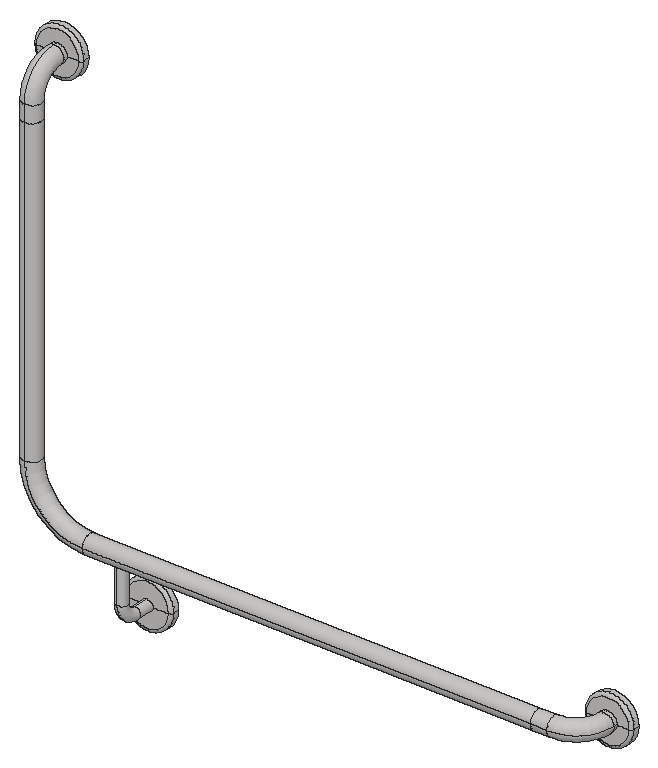
Revit family "rba-bim-rba4098-911", category Plumbing Fixtures, Revit 2018
Family settings
  Round Connector Dimension = Use Diameter
  Part Type = Normal
  Work Plane-Based = No
  Always vertical = Yes
  Cut with Voids When Loaded = No
  Shared = No
  Room Calculation Point = No
Parameters (values of type "RBA4098-911")
  Watermarked By = "www.rba.com.au"
  URL = "http://www.rba.com.au/accessible-disabled/grab-rails"
  R_Void [instance] = 15.00 mm
  R [instance] = 0.00 mm
  Phone Number = "1300 788 778"
  Modified Issue = "20200406.01"
  Model = "RBA4098-911"
  Materials and Finishes = Stainless Steel Bright Polished
  Manufacturer Model = ""
  Manufacturer = "RBA Group"
  Description = "90° Angled Grab Rail, RH"
  Copyrighted by = "RBA Group"  # constant formula
  Assembly Code = ""
Reference planes
  plane 1 "Center (Front/Back)": y = 0
  plane 2: z = 0
  plane 3: x = 40.5
  plane 4: z = 670
  plane 5: z = 730
  plane 6: x = -879.5
  plane 7: x = -939.5
  plane 8: z = 700
  plane 9: z = -100
  plane 10: x = 40.5
  plane 11: z = 670
  plane 12: z = 730
  plane 13: x = -939.5
  plane 14: x = -879.5
  plane 15: z = -130
  plane 16: z = -70
  plane 17: x = -784.5
  plane 18: x = -724.5
  plane 19: z = -100
  plane 20: x = -909.5
  plane 21: x = -754.5
  plane 22: z = 700
  plane 23: z = -30
  plane 24: z = 30
  plane 25: x = 70.5
  plane 26: x = 10.5
  plane 27: z = -30
  plane 28: z = 30
  plane 29: x = 10.5
  plane 30: x = 70.5
  plane 31: x = -925.5
  plane 32: x = -893.5
  plane 33: z = 16
  plane 34: z = -16
  plane 35: y = -70
  plane 36: y = -86
  plane 37: y = -54
  plane 38: y = -79.5
  plane 39: y = -60.5
Forms (mm)
  Extrusion 1, solid, material "Rail Steel"
    sketch origin (-909.5, -2.628, 1015.907) x (0, 0, -1) y (-1, 0, 0)
      loop
        circle (315.907, 0) r 40
    from -0.219 to 2.628
  Revolve 2, solid, material "Rail Steel"
    sketch origin (40.5, 18.663, 0) x (0, -1, 0) y (1, 0, 0)
      loop
        line (18.663, 0) -> (18.663, -41.5) -> (27.844, -41.5)
        arc (27.844, -41.5) -> (31.337, -40.077) -> (32.842, -36.617) r 5
        line (32.842, -36.617) -> (33.701, 0) -> (18.663, 0)
      axis (18.663, 0) -> (33.701, 0)
    angle from 0 to 360
  Extrusion 3, void
    sketch origin (-909.5, 34.941, 1015.907) x (0, 0, -1) y (-1, 0, 0)
      loop
        circle (315.907, -30) r 5
      loop
        circle (315.907, 30) r 5
    from -37.788 to -30
  Extrusion 4, solid, material "Rail Steel"
    sketch origin (-909.5, -2.628, 1015.907) x (0, 0, -1) y (-1, 0, 0)
      loop
        circle (315.907, 0) r 40
    from -0.219 to 2.628
  Extrusion 5, void
    sketch origin (-909.5, 34.941, 1015.907) x (0, 0, -1) y (-1, 0, 0)
      loop
        circle (315.907, 30) r 5
      loop
        circle (315.907, -30) r 5
    from -37.788 to -30
  Sweep 6, solid, material "Rail Steel"
    path origin (40.5, 12.454, 0) x (0, -1, 0) y (1, 0, 0)
      loop
        line (12.454, 0) -> (34.454, 0)
        arc (34.454, 0) -> (68.395, -14.059) -> (82.454, -48) r 48
        line (82.454, -48) -> (82.454, -76)
    profile origin (40.5, -11, 0) x (1, 0, 0) y (0, 0, 1)
      loop
        circle (0, 0) r 16
  Extrusion 7, solid, material "Rail Steel"
    sketch origin (-909.5, -2.628, 1015.907) x (0, 0, -1) y (-1, 0, 0)
      loop
        circle (315.907, 0) r 40
    from -0.219 to 2.628
  Sweep 8, solid, material "Rail Steel"
    path origin (-1609.5, 12.454, 700) x (0, -1, 0) y (0, 0, -1)
      loop
        line (12.454, 0) -> (34.454, 0)
        arc (34.454, 0) -> (68.395, 14.059) -> (82.454, 48) r 48
        line (82.454, 48) -> (82.454, 76)
    profile origin (-1609.5, -11, 700) x (0, 0, -1) y (1, 0, 0)
      loop
        circle (0, 700) r 16
  Revolve 9, solid, material "Rail Steel"
    sketch origin (-909.5, 18.663, 700) x (0, -1, 0) y (1, 0, 0)
      loop
        line (18.663, 0) -> (18.663, -41.5) -> (27.844, -41.5)
        arc (27.844, -41.5) -> (31.337, -40.077) -> (32.842, -36.617) r 5
        line (32.842, -36.617) -> (33.701, 0) -> (18.663, 0)
      axis (18.663, 0) -> (33.701, 0)
    angle from 0 to 360
  Sweep 10, solid, material "Rail Steel"
    path origin (81, 0, 0) x (-1, 0, 0) y (0, 0, 1)
      loop
        line (116.5, 0) -> (890.5, 0)
        arc (890.5, 0) -> (961.211, 29.289) -> (990.5, 100) r 100
        line (990.5, 100) -> (990.5, 624)
    profile origin (-422.5, 0, 0) x (0, 0, -1) y (0, -1, 0)
      loop
        circle (0, 70) r 16
  Extrusion 11, solid, material "Rail Steel"
    sketch origin (-754.5, -2.628, 215.907) x (0, 0, -1) y (-1, 0, 0)
      loop
        circle (315.907, 0) r 40
    from -0.219 to 2.628
  Revolve 12, solid, material "Rail Steel"
    sketch origin (-754.5, 18.663, -100) x (0, -1, 0) y (1, 0, 0)
      loop
        line (18.663, 0) -> (33.701, 0) -> (32.842, 36.617)
        arc (32.842, 36.617) -> (31.337, 40.077) -> (27.844, 41.5) r 5
        line (27.844, 41.5) -> (18.663, 41.5) -> (18.663, 0)
      axis (18.663, 0) -> (33.701, 0)
    angle from 0 to 360
  Sweep 13, solid, material "Rail Steel"
    path origin (-754.5, 12.454, -100) x (0, -1, 0) y (0, 0, 1)
      loop
        line (12.454, 0) -> (54.454, 0)
        arc (54.454, 0) -> (74.253, 8.201) -> (82.454, 28) r 28
        line (82.454, 28) -> (82.454, 100)
    profile origin (-754.5, -21, -100) x (0, 0, 1) y (-1, 0, 0)
      loop
        circle (0, 0) r 9.5
  Extrusion 14, void
    sketch origin (-754.5, 34.941, 215.907) x (0, 0, -1) y (-1, 0, 0)
      loop
        circle (315.907, 30) r 5
      loop
        circle (315.907, -30) r 5
    from -37.788 to -30
  Extrusion 15, solid, material "Rail Steel"
    sketch origin (40.5, -2.628, 315.907) x (0, 0, -1) y (-1, 0, 0)
      loop
        circle (315.907, 0) r 40
    from -0.219 to 2.628
  Extrusion 16, void
    sketch origin (40.5, 34.941, 315.907) x (0, 0, -1) y (-1, 0, 0)
      loop
        circle (315.907, -30) r 5
      loop
        circle (315.907, 30) r 5
    from -37.788 to -34.941
  Extrusion 17, solid, material "Rail Steel"
    sketch origin (40.5, -2.628, 315.907) x (0, 0, -1) y (-1, 0, 0)
      loop
        circle (315.907, 0) r 40
    from -0.219 to 2.628
  Extrusion 18, void
    sketch origin (40.5, 34.941, 315.907) x (0, 0, -1) y (-1, 0, 0)
      loop
        circle (315.907, 30) r 5
      loop
        circle (315.907, -30) r 5
    from -37.788 to -34.941
  Extrusion 19, solid, material "Rail Steel"
    sketch origin (40.5, -2.628, 315.907) x (0, 0, -1) y (-1, 0, 0)
      loop
        circle (315.907, 0) r 40
    from -0.219 to 2.628
Cuts and joins
  Extrusion 3, Extrusion 5, Extrusion 16, Extrusion 18 cuts Extrusion 1
  Extrusion 5, Extrusion 16, Extrusion 18 cuts Extrusion 4
  Extrusion 3, Extrusion 5, Extrusion 18 cuts Revolve 2
  Extrusion 5, Extrusion 16 cuts Revolve 9
  Extrusion 14 cuts Revolve 12
  joined: Revolve 2, Sweep 6, Sweep 8, Revolve 9, Sweep 10, Revolve 12, Sweep 13
  Extrusion 14 cuts Extrusion 11
  Extrusion 5, Extrusion 16 cuts Extrusion 7
  Extrusion 16 cuts Extrusion 15
  Extrusion 16 cuts Extrusion 17
  Extrusion 16, Extrusion 18 cuts Extrusion 19
Dimensions and locks
  Revolve 2 sketch curve to Revolve 2 sketch curve = 41.50 mm
  plane 5 to plane 4 to level = 60.00 mm, 670.00 mm
  plane 7 to plane 6 = 60.00 mm
  plane 12 to plane 11 = 60.00 mm
  plane 13 to plane 14 = 60.00 mm
  Revolve 9 sketch curve to Revolve 9 sketch curve = 41.50 mm
  Revolve 12 sketch curve to Revolve 12 sketch curve = 41.50 mm
  plane 16 to plane 15 = 60.00 mm
  plane 17 to plane 18 = 60.00 mm
  plane 22 to plane 2 = 700.00 mm
  plane 10 to plane 20 = 950.00 mm
  plane 21 to plane 20 = 155.00 mm
  plane 2 to plane 19 = 100.00 mm
  plane 24 to plane 23 = 60.00 mm
  plane 26 to plane 25 = 60.00 mm
  plane 28 to plane 27 = 60.00 mm
  plane 29 to plane 30 = 60.00 mm
  radius of Extrusion 1 sketch curve = 40.00 mm
  radius of Extrusion 4 sketch curve = 40.00 mm
  radius of Sweep 6 sketch curve = 16.00 mm
  radius of Extrusion 7 sketch curve = 40.00 mm
  radius of Sweep 8 sketch curve = 16.00 mm
  radius of Extrusion 11 sketch curve = 40.00 mm
  radius of Sweep 13 sketch curve = 9.50 mm
  radius of Extrusion 15 sketch curve = 40.00 mm
  radius of Extrusion 17 sketch curve = 40.00 mm
  radius of Extrusion 19 sketch curve = 40.00 mm
  aligned and locked: Extrusion 1 to Revolve 2
  aligned and locked: Revolve 12 to Extrusion 11
